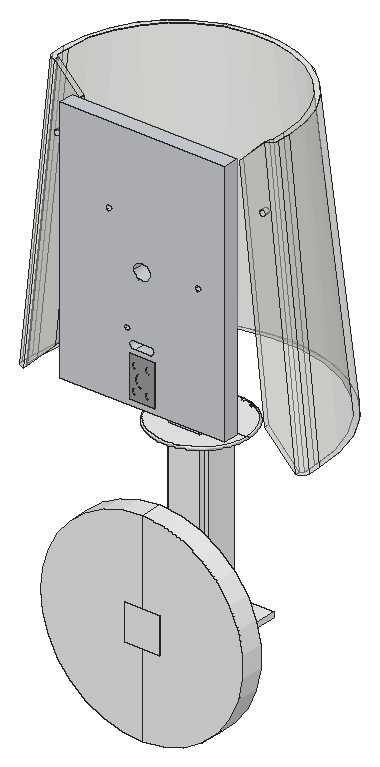
Revit family "Lighting - Auberge Single Candelabra", category Lighting Fixtures, host Wall, Revit 2018
Family settings
  Host = Wall
  Round Connector Dimension = Use Diameter
  Part Type = Normal
  OmniClass Number = 23.80.70.00
  OmniClass Title = Lighting
  Always vertical = Yes
  Cut with Voids When Loaded = No
  Light Source = Yes
  Shared = No
  Room Calculation Point = No
Parameters (values of type "Rain & Nickel")
  Wattage Comments = ""
  Wattage = 6.76576 W
  built-in parameter 1150110 = 1 (stored number, unit not read)
  URL = "https://www.aubergelighting.com/co7w7h"
  built-in parameter 1114217 = 1 (stored number, unit not read)
  Tilt Angle = 0.00°  # constant formula
  built-in parameter 1150109 = 1 (stored number, unit not read)
  built-in parameter 1150134 = (empty or 0)
  built-in parameter 1150113 = 1 (stored number, unit not read)
  Shade Tag = "CO-7W7H"
  Shade Finish = AU Rain
  Photometric Web File = "Auberge C10W sconces.ies"
  Model = "AU-C10W-30-8-CO7W7H-RV-DE1A-ESN"
  Manufacturer = "Auberge Lighting"  # constant formula
  built-in parameter 1150105 = 79.975 (stored number, unit not read)
  Lumens = 1005 lm
  built-in parameter 1150115 = 1 (stored number, unit not read)
  built-in parameter 1150137 = (empty or 0)
  built-in parameter 1150139 = (empty or 0)
  built-in parameter 1150112 = 1 (stored number, unit not read)
  built-in parameter 1150114 = 1 (stored number, unit not read)
  Lamp = "10W LED"
  Keynote = "X"
  built-in parameter 1150132 = 2
  built-in parameter 1150102 = (empty or 0)
  built-in parameter 1150107 = 3000 (stored number, unit not read)
  built-in parameter 1150138 = (empty or 0)
  built-in parameter 1150106 = 0.79975 (stored number, unit not read)
  Emit from Line Length = 2' - 0"
  built-in parameter 1150104 = 13.8 (stored number, unit not read)
  Dimming Lamp Color Temperature Shift = <None>
  Description = "LED Candelabra Wall Sconce"
  Color Filter = 16777215
  Bracket Finish = AU Enviro Satin Nickel
  built-in parameter 1114218 = 1 (stored number, unit not read)
  built-in parameter 1150133 = 10 (stored number, unit not read)
  Apparent Load = 10 VA
Types (4): name | Wattage | built-in parameter 1150134 | Shade Finish | Photometric Web File | Model | built-in parameter 1150105 | Lumens | Lamp | built-in parameter 1150132 | built-in parameter 1150107 | built-in parameter 1150106 | Bracket Finish | Apparent Load
  (no name) | 6.76576 W | (empty or 0) | AU Rain | "Auberge C10W sconces.ies" | "AU-C10W-30-8-CO7W7H-RV-DE1A-ESN" | 79.975 (stored number, unit not read) | 1005 lm | "10W LED" | 2 | 3000 (stored number, unit not read) | 0.79975 (stored number, unit not read) | AU Enviro Satin Nickel | 10 VA
  Island Breeze & Brass | 9.2903 W | 3 | AU Island Breeze | "generic" | "AU-C10W-30-8-CO7W7H-IB-DE1A-ESB" | 109.82 (stored number, unit not read) | 1380 lm | "2x 10W LED" | (empty or 0) | 3200 (stored number, unit not read) | 1.0982 (stored number, unit not read) | AU Enviro Satin Brass | 20 VA
  Linear Cross & Bronze | 9.2903 W | 3 | AU Linear Cross | "generic" | "AU-C10W-30-8-CO7W7H-LCV-DE1A-E0B" | 109.82 (stored number, unit not read) | 1380 lm | "2x 10W LED" | (empty or 0) | 3200 (stored number, unit not read) | 1.0982 (stored number, unit not read) | AU Enviro Bronze | 20 VA
  Rain & Nickel | 6.76576 W | (empty or 0) | AU Rain | "Auberge C10W sconces.ies" | "AU-C10W-30-8-CO7W7H-RV-DE1A-ESN" | 79.975 (stored number, unit not read) | 1005 lm | "10W LED" | 2 | 3000 (stored number, unit not read) | 0.79975 (stored number, unit not read) | AU Enviro Satin Nickel | 10 VA
Reference planes (in)
  plane 1: y = 0
  plane 2 "Light Source Axis (F/B)": y = 7.7874
  plane 3 "Light Source Axis (L/R)": x = -1.43133
  plane 4 "Light Source Elevation": z = 77.42225
  plane 5 "Left": x = 3.78164
  plane 6 "Face of Wall": y = 6
  plane 7 "Mounting Center": z = 69.65049
  plane 8 "Right": x = -6.64429
Forms (in)
  Revolve 1, solid, material "AU Enviro Satin Nickel" <- "Bracket Finish", detail levels medium+fine
    sketch origin (-1.43133, 0, 0) x (0, -1, 0) y (0, 0, 1)
      loop
        line (-6, 72.11112) -> (-6.5311, 72.11112) -> (-6.5311, 71.60358) -> (-6.40591, 71.60358) -> (-6.40591, 71.51777) -> (-6.25787, 71.51777) -> (-6.25787, 69.65049) -> (-6, 69.65049) -> (-6, 72.11112)
      axis (-6.5311, 69.65049) -> (-6, 69.65049)
    angle from 0 to 360
  Extrusion 2, solid, material "AU Enviro Satin Nickel" <- "Bracket Finish", detail levels medium+fine
    sketch origin (0, 6, 0) x (0, 0, 1) y (-1, 0, 0)
      loop
        line (69.21742, 0.99825) -> (70.08356, 0.99825) -> (70.08356, 1.8644) -> (69.21742, 1.8644) -> (69.21742, 0.99825)
    from -1.25 to 0
  Revolve 3, solid, material "AU Enviro Satin Nickel" <- "Bracket Finish", detail levels medium+fine
    sketch origin (0, 7.7874, 0) x (0, 0, 1) y (-1, 0, 0)
      loop
        line (73.24464, 1.43133) -> (73.24464, 0.80784) -> (73.40473, 0.33416)
        arc (73.40473, 0.33416) -> (73.40667, 0.28253) -> (73.45109, 0.30892) r 0.03005
        line (73.45109, 0.30892) -> (73.45109, 1.43133) -> (73.24464, 1.43133)
      axis (73.45109, 1.43133) -> (73.24464, 1.43133)
    angle from 0 to 360
  Revolve 4, solid, material "AU Enviro Satin Nickel" <- "Bracket Finish", detail levels medium+fine
    sketch origin (-2.86265, 7.7874, -4.30061) x (0, 0, 1) y (-1, 0, 0)
      loop
        line (73.33298, -1.43133) -> (73.33298, -1.12307)
        arc (73.33298, -1.12307) -> (72.86147, -1.03155) -> (72.59525, -1.43133) r 0.43327
        line (72.59525, -1.43133) -> (73.33298, -1.43133)
      axis (73.33298, -1.43133) -> (72.59525, -1.43133)
    angle from 0 to 360
  Extrusion 5, solid, material "AU Enviro Satin Nickel" <- "Bracket Finish", detail levels medium+fine
    sketch origin (0, 0, 69.65049) x (0, 1, 0) y (-1, 0, 0)
      loop
        line (6.75, 2.43157) -> (6.75, 0.43108) -> (8.75, 0.43108) -> (8.75, 2.43157) -> (6.75, 2.43157)
    from -0.61811 to -0.5
  Extrusion 6, solid, material "Default", detail levels medium+fine
    sketch origin (0, 6, 0) x (0, 0, 1) y (-1, 0, 0)
      loop
        line (75.55346, 1.13605) -> (75.55346, 1.7266) -> (74.55346, 1.7266) -> (74.55346, 1.13605) -> (75.55346, 1.13605)
    from -2.25 to 0
  Sweep 7, solid, material "AU Enviro Satin Nickel" <- "Bracket Finish", detail levels medium+fine
    path origin (-1.43133, 0, 0) x (0, -1, 0) y (0, 0, 1)
      loop
        line (-7.7874, 74.55346) -> (-7.7874, 69.65049) -> (-6.25787, 69.65049)
    profile origin (-1.43133, 7.7874, 72.10197) x (-1, 0, 0) y (0, -1, 0)
      loop
        line (0.5, -0.3748) -> (0.5, 0.3748) -> (0.3748, 0.3748) -> (0.3748, 0.5) -> (-0.3748, 0.5) -> (-0.3748, 0.3748) -> (-0.5, 0.3748) -> (-0.5, -0.3748) -> (-0.3748, -0.3748) -> (-0.3748, -0.5) -> (0.3748, -0.5) -> (0.3748, -0.3748) -> (0.5, -0.3748)
Lines and regions (in)
  model lines, style "InvisibleLines"
    curve 1: line (-1.43133, 6, 69.65049) -> (-1.43133, 6, 0)
Text (in)
  text "Placement Side" at (0, 40.15149, 123.01588), in view "Right"
  text "Placement Side" at (-70.3804, 28.46503, 0), in view "Ref. Level"
  text "Placement Side" at (0, 85.69064, 140.59947), in view "Left"
Dimensions and locks (in)
  locked: plane 2 "Light Source Axis (F/B)" to plane 6 "Face of Wall" at 1.7874
  Revolve 1 sketch curve to Revolve 1 sketch curve to Revolve 1 sketch curve to plane 6 "Face of Wall" = 0' - 0.1252" locked, 0' - 0.14803" locked, 0' - 0.25787" locked
  Extrusion 2 sketch curve to plane 7 "Mounting Center" to Extrusion 2 sketch curve = 0' - 0.43307" locked, 0' - 0.43307" locked
  locked: plane 7 "Mounting Center" to plane 4 "Light Source Elevation" at 7.77176
  locked: Revolve 3 to plane 4 "Light Source Elevation" at 4.01751
  Extrusion 5 to plane 2 "Light Source Axis (F/B)" to Extrusion 5 = 0' - 1.0374" locked, 0' - 0.9626" locked
  aligned: level to host wall
  aligned and locked: nested 1 to plane 4 "Light Source Elevation"
  aligned and locked: plane 2 "Light Source Axis (F/B)" to nested 1
  aligned and locked: host wall to plane 6 "Face of Wall"
  aligned and locked: Revolve 1 sketch curve to plane 7 "Mounting Center"
  aligned and locked: Extrusion 2 to host wall
  aligned and locked: plane 2 "Light Source Axis (F/B)" to Revolve 3
  aligned and locked: Extrusion 6 to host wall
  aligned and locked: Revolve 1 to plane 6 "Face of Wall"
  aligned and locked: plane 2 "Light Source Axis (F/B)" to Revolve 4
  aligned and locked: plane 7 "Mounting Center" to curve 1
  aligned and locked: level to curve 1
  aligned and locked: curve 1 to plane 3 "Light Source Axis (L/R)"
  aligned and locked: plane 3 "Light Source Axis (L/R)" to nested 1
Nested families (in)
  nested 1: "Candelabra Shade" at (0, 0, -3.5), type "CO-7W7H", detail levels medium+fine
    with built-in parameter 1140040 1
  nested 2: "Sconce Annotation" at (-1.43133, 6, 0), type "Sconce Annotation"
Definition of nested family "Candelabra Shade"
  Parameters (values of type "CO-7W7H")
    Width = 0' - 7"
    Wattage Comments = "10W"
    URL = "https://www.aubergelighting.com/co7w7h"
    Type Image = element 364322
    Type Comments = "TRIAC/ELV DIMMING, ADA/ENERGY STAR/TITLE 24 COMPLIANT"
    Shade Tag = "CO-7W7H"
    Shade = CO-7W7H : CO-7W7H
    Resin Pattern = none
    Model = "AU-C10W-30-8-CO7W7H-A-DE3A-CM"  # constant formula
    Metal = none
    Manufacturer = "Auberge Lighting"  # constant formula
    Lamp = "C10W LED"
    Keynote = "X"
    Height = 0' - 7"
    Description = "10W LED WALL SCONCE"
    built-in parameter 1140040 [instance] = 1
    Backplate = 10W Backplate : 10W Backplate
    Apparent Load = 10 VA
    10W Small Backplate = not([10W Large Backplate])  # yes
    10W Large Backplate = Height > 0' 7"  # no
    10W Backplate = yes
  Reference planes (in)
    plane 1: y = 0
    plane 2 "Light Source Axis (F/B)": y = 7.7874
    plane 3 "Light Source Axis (L/R)": x = -1.43133
    plane 4 "Bottom": z = 77.42225
    plane 5 "Wall Face": y = 6
    plane 6 "Top": z = 84.42225
    plane 7 "Light Source": z = 80.92225
  Text (in)
    text "Placement Side" at (0, 40.15149, 123.01588), in view "Right"
    text "Placement Side" at (-70.3804, 28.46503, 0), in view "Ref. Level"
    text "Placement Side" at (0, 85.69064, 140.59947), in view "Left"
  Dimensions and locks (in)
    locked: plane 2 "Light Source Axis (F/B)" to plane 5 "Wall Face" at 1.7874
    "Height": plane 6 "Top" to plane 4 "Bottom"
    equal spacing: plane 4 "Bottom", plane 7 "Light Source", plane 6 "Top"
    locked: nested 3 to plane 5 "Wall Face" at 0.5374
    aligned: level to host wall
    aligned and locked: plane 5 "Wall Face" to host wall
    aligned and locked: plane 5 "Wall Face" to nested 1
    aligned and locked: plane 5 "Wall Face" to nested 2
    aligned and locked: plane 3 "Light Source Axis (L/R)" to nested 3
    aligned and locked: nested 3 to plane 4 "Bottom"
    aligned and locked: plane 3 "Light Source Axis (L/R)" to nested 1
    aligned and locked: nested 1 to plane 7 "Light Source"
  Nested families (in)
    nested 1: "10W Backplate" at (-1.43133, 6.54689, 80.92225) x (-1, 0, 0) z (0, 0, 1), type <- "Backplate", visible <- "10W Backplate", type "10W Backplate"
      with Large Backplate no
    nested 2: "Sconce Annotation" at (-1.43133, 6, 0), type "Sconce Annotation"
    nested 3: "CO-7W7H" at (-1.43133, 6.5374, 77.42225) x (-1, 0, 0) z (0, 0, 1), type <- "Shade", type "CO-7W7H"
  Definition of nested family "10W Backplate"
    Parameters (values of type "10W Backplate")
      Wattage Comments = "10W"
      Small Backplate = yes
      Material = none
      Lens = none
      Large Backplate = yes
      Apparent Load = 10 VA
      Angle = none
    Reference planes (in)
      plane 1 "Light Source Axis (F/B)": y = -1
      plane 2: z = 0
      plane 3 "Light Source Axis (L/R)": x = 0
      plane 4 "Light Source Elevation": z = 0
    Forms (in)
      Extrusion 1, solid, material <- "Material", visible <- "Large Backplate"
        sketch origin (0, 0.54689, 0) x (1, 0, 0) y (0, 0, 1)
          loop
            line (-2.25, -3.75) -> (2.25, -3.75) -> (2.25, 3.75) -> (-2.25, 3.75) -> (-2.25, -3.75)
          loop
            circle (0, -0.00491) r 0.20126
          loop
            circle (-0.63059, 3.36806) r 0.07242
          loop
            circle (0.63059, 3.36806) r 0.07242
          loop
            circle (1.68627, 3.226) r 0.10011
          loop
            circle (-1.37341, 0.11988) r 0.0663
          loop
            circle (1.83982, -0.55008) r 0.07113
          loop
            circle (0.79477, 1.12211) r 0.0663
          loop
            circle (0.35247, -1.33817) r 0.0663
          loop
            line (1.62141, 0.71542) -> (1.43453, 1.03911)
            arc (1.43453, 1.03911) -> (1.2893, 1.07802) -> (1.25039, 0.9328) r 0.10631
            line (1.25039, 0.9328) -> (1.43728, 0.60911)
            arc (1.43728, 0.60911) -> (1.5825, 0.5702) -> (1.62141, 0.71542) r 0.10631
        from 0 to 0.375
      Extrusion 2, solid, material <- "Material"
        sketch origin (0, 0.54689, -3.75) x (1, 0, 0) y (0, 0, 1)
          loop
            circle (-1.25703, 5.61357) r 0.06499
          loop
            circle (1.25703, 5.61357) r 0.06499
        from 0.375 to 0.65625
      Revolve 3, solid, material <- "Lens"
        sketch origin (0, 0.54689, -8.40375) x (0, 0, 1) y (0, -1, 0)
          loop
            line (8.40375, 0.375) -> (9.97475, 0.375) -> (9.97475, 0.51929)
            arc (9.97475, 0.51929) -> (9.96097, 0.58036) -> (9.92231, 0.6296) r 0.14225
            arc (9.92231, 0.6296) -> (9.30973, 0.97428) -> (8.61706, 1.09378) r 2.06725
            line (8.61706, 1.09378) -> (8.40375, 1.09378) -> (8.40375, 0.375)
          axis (8.40375, 1.09378) -> (8.40375, 0.375)
        angle from 0 to 360
      Extrusion 4, solid, material <- "Material", visible <- "Small Backplate"
        sketch origin (0, 0.54689, 0) x (1, 0, 0) y (0, 0, 1)
          loop
            line (-2, -3) -> (2, -3) -> (2, 3) -> (-2, 3) -> (-2, -3)
          loop
            circle (0, -0.00491) r 0.20126
          loop
            circle (-0.15905, -2.1032) r 0.07242
          loop
            circle (-1.37341, 0.11988) r 0.0663
          loop
            circle (0.79477, 1.12211) r 0.0663
          loop
            circle (0.35247, -1.33817) r 0.0663
          loop
            line (-0.18688, -1.76925) -> (0.18688, -1.76925)
            arc (0.18688, -1.76925) -> (0.29319, -1.66294) -> (0.18688, -1.55663) r 0.10631
            line (0.18688, -1.55663) -> (-0.18688, -1.55663)
            arc (-0.18688, -1.55663) -> (-0.29319, -1.66294) -> (-0.18688, -1.76925) r 0.10631
          loop
            circle (0.15905, -2.1032) r 0.07242
          loop
            circle (-0.15905, -2.66044) r 0.07242
          loop
            circle (0.15905, -2.66044) r 0.07242
          loop
            circle (0, -2.39626) r 0.15475
        from 0 to 0.375
    Dimensions and locks (in)
      aligned and locked: level to plane 2
  Definition of nested family "CO-7W7H"
    Parameters (values of type "CO-7W7H")
      Model = "CO-7W7H"
      Manufacturer = "Auberge Lighting"
      Lens = none
      Height = 0' - 7"
      Bracket = none
    Reference planes (in)
      plane 1 "Light Source Axis (F/B)": y = 0
      plane 2 "Center": z = 0
      plane 3 "Light Source Axis (L/R)": x = 0
      plane 4 "Light Source Elevation": z = 7
    Forms (in)
      Blend 1, solid, material <- "Lens"
        base sketch origin (0, 0, 0) x (1, 0, 0) y (0, 1, 0)
          loop
            line (3.5, -0.5) -> (3.5, -0.1875)
            arc (3.5, -0.1875) -> (3.44508, -0.05492) -> (3.3125, 0) r 0.1875
            line (3.3125, 0) -> (2.625, 0) -> (2.625, -0.125) -> (3.3125, -0.125)
            arc (3.3125, -0.125) -> (3.35669, -0.14331) -> (3.375, -0.1875) r 0.0625
            line (3.375, -0.1875) -> (3.375, -0.5)
            arc (3.375, -0.5) -> (0, -3.875) -> (-3.375, -0.5) r 3.375
            line (-3.375, -0.5) -> (-3.375, -0.1875)
            arc (-3.375, -0.1875) -> (-3.35669, -0.14331) -> (-3.3125, -0.125) r 0.0625
            line (-3.3125, -0.125) -> (-2.625, -0.125) -> (-2.625, 0) -> (-3.3125, 0)
            arc (-3.3125, 0) -> (-3.44508, -0.05492) -> (-3.5, -0.1875) r 0.1875
            line (-3.5, -0.1875) -> (-3.5, -0.5)
            arc (-3.5, -0.5) -> (0, -4) -> (3.5, -0.5) r 3.5
        top sketch origin (0, 0, 0) x (1, 0, 0) y (0, 1, 0)
          loop
            line (2.75, -0.5) -> (2.75, -0.1875)
            arc (2.75, -0.1875) -> (2.69508, -0.05492) -> (2.5625, 0) r 0.1875
            line (2.5625, 0) -> (1.875, 0) -> (1.875, -0.125) -> (2.5625, -0.125)
            arc (2.5625, -0.125) -> (2.60669, -0.14331) -> (2.625, -0.1875) r 0.0625
            line (2.625, -0.1875) -> (2.625, -0.5)
            arc (2.625, -0.5) -> (0, -3.125) -> (-2.625, -0.5) r 2.625
            line (-2.625, -0.5) -> (-2.625, -0.1875)
            arc (-2.625, -0.1875) -> (-2.60669, -0.14331) -> (-2.5625, -0.125) r 0.0625
            line (-2.5625, -0.125) -> (-1.875, -0.125) -> (-1.875, 0) -> (-2.5625, 0)
            arc (-2.5625, 0) -> (-2.69508, -0.05492) -> (-2.75, -0.1875) r 0.1875
            line (-2.75, -0.1875) -> (-2.75, -0.5)
            arc (-2.75, -0.5) -> (0, -3.25) -> (2.75, -0.5) r 2.75
        from 0 to 7
      Extrusion 2, void
        sketch origin (0, 0, 0) x (1, 0, 0) y (0, 0, 1)
          loop
            line (-2.66076, 7.09826) -> (-1.85539, 6.29289) -> (-1.85539, 7.09826) -> (-2.66076, 7.09826)
          loop
            circle (-2.49992, 5.42028) r 0.07013
          loop
            line (-3.46067, -0.14817) -> (-2.46067, -0.14817) -> (-2.46067, 0.85183) -> (-3.46067, -0.14817)
          loop
            line (2.66076, 7.09826) -> (1.85539, 7.09826) -> (1.85539, 6.29289) -> (2.66076, 7.09826)
          loop
            circle (2.49992, 5.42028) r 0.07013
          loop
            line (3.46067, -0.14817) -> (2.46067, 0.85183) -> (2.46067, -0.14817) -> (3.46067, -0.14817)
        from 0 to 0.25
      Extrusion 3, solid, material <- "Bracket", not visible
        sketch origin (0, 0, 0) x (1, 0, 0) y (0, 1, 0)
          loop
            line (-2.70472, -0.1875) -> (-2.12743, -0.1875)
            arc (-2.12743, -0.1875) -> (-2.06516, -0.16171) -> (-2.03937, -0.09944) r 0.08806
            line (-2.03937, -0.09944) -> (-2.03937, 0.07021)
            arc (-2.03937, 0.07021) -> (-2.03067, 0.0912) -> (-2.00967, 0.0999) r 0.0297
            line (-2.00967, 0.0999) -> (2.00967, 0.0999)
            arc (2.00967, 0.0999) -> (2.03067, 0.0912) -> (2.03937, 0.07021) r 0.0297
            line (2.03937, 0.07021) -> (2.03937, -0.09944)
            arc (2.03937, -0.09944) -> (2.06516, -0.16171) -> (2.12743, -0.1875) r 0.08806
            line (2.12743, -0.1875) -> (2.70472, -0.1875) -> (2.70472, -0.125) -> (2.12743, -0.125)
            arc (2.12743, -0.125) -> (2.10935, -0.11752) -> (2.10187, -0.09944) r 0.02556
            line (2.10187, -0.09944) -> (2.10187, 0.07021)
            arc (2.10187, 0.07021) -> (2.07487, 0.1354) -> (2.00967, 0.1624) r 0.0922
            line (2.00967, 0.1624) -> (-2.00967, 0.1624)
            arc (-2.00967, 0.1624) -> (-2.07487, 0.1354) -> (-2.10187, 0.07021) r 0.0922
            line (-2.10187, 0.07021) -> (-2.10187, -0.09944)
            arc (-2.10187, -0.09944) -> (-2.10935, -0.11752) -> (-2.12743, -0.125) r 0.02556
            line (-2.12743, -0.125) -> (-2.70472, -0.125) -> (-2.70472, -0.1875)
        from 5.125 to 5.71555
    Cuts and joins
      Extrusion 2 cuts Blend 1
    Dimensions and locks (in)
      "Height": plane 4 "Light Source Elevation" to level
      aligned and locked: level to plane 2 "Center"
      aligned and locked: Blend 1 to plane 4 "Light Source Elevation"
    Automatic sketch dimensions
      Blend 1 sketch curve to Blend 1 sketch curve = 0' - 0"  (x12)
      plane 1 "Light Source Axis (F/B)" to Blend 1 sketch curve = 0' - 0"  (x4)
      Blend 1 sketch curve to plane 3 "Light Source Axis (L/R)" = 0' - 0"  (x2)
      plane 1 "Light Source Axis (F/B)" to Blend 1 sketch curve = 0' - 0 1/8"  (x2)
      Blend 1 sketch curve to plane 3 "Light Source Axis (L/R)" = 0' - 2 5/8"
      Blend 1 sketch curve to Blend 1 sketch curve = 0' - 0 11/16"  (x2)
      Blend 1 sketch curve to Blend 1 sketch curve = 0' - 0 1/16"  (x4)
      Blend 1 sketch curve to Blend 1 sketch curve = 0' - 0 3/4"  (x2)
      Blend 1 sketch curve to Blend 1 sketch curve = 0' - 0 5/16"  (x2)
      Blend 1 sketch curve to plane 3 "Light Source Axis (L/R)" = 0' - 1 7/8"
      Extrusion 2 sketch curve to level = 0' - 0.14817"  (x2)
      Extrusion 2 sketch curve to plane 3 "Light Source Axis (L/R)" = 0' - 3.46067"
      Extrusion 2 sketch curve to plane 4 "Light Source Elevation" = 0' - 0.09826"  (x2)
      Extrusion 2 sketch curve to plane 3 "Light Source Axis (L/R)" = 0' - 2.66076"
      Extrusion 2 sketch curve to Extrusion 2 sketch curve = 0' - 0.16084"
      Extrusion 2 sketch curve to Extrusion 2 sketch curve = 0' - 1"  (x2)
      Extrusion 2 sketch curve to Extrusion 2 sketch curve = 0' - 0.80537"  (x2)
      plane 3 "Light Source Axis (L/R)" to Extrusion 2 sketch curve = 0' - 1.85539"
      level to Extrusion 2 sketch curve = 0' - 0.85183"  (x2)
      plane 3 "Light Source Axis (L/R)" to Extrusion 2 sketch curve = 0' - 2.46067"
      Extrusion 2 sketch curve to Extrusion 2 sketch curve = 0' - 0 165/256"
      plane 4 "Light Source Elevation" to Extrusion 2 sketch curve = 0' - 1.57972"  (x2)
      plane 4 "Light Source Elevation" to Extrusion 2 sketch curve = 0' - 0.70711"  (x2)
      Extrusion 3 sketch curve to Extrusion 3 sketch curve = 0' - 0"  (x8)
      plane 1 "Light Source Axis (F/B)" to Extrusion 3 sketch curve = 0' - 0 3/16"  (x2)
      Extrusion 3 sketch curve to plane 3 "Light Source Axis (L/R)" = 0' - 2.70472"
      Extrusion 3 sketch curve to Extrusion 3 sketch curve = 0' - 0.5773"  (x2)
      Extrusion 3 sketch curve to Extrusion 3 sketch curve = 0' - 0.02556"  (x2)
      Extrusion 3 sketch curve to Extrusion 3 sketch curve = 0' - 0 1/16"
      Extrusion 3 sketch curve to Extrusion 3 sketch curve = 0' - 0.0297"  (x2)
      Extrusion 3 sketch curve to plane 1 "Light Source Axis (F/B)" = 0' - 0.0999"
      plane 3 "Light Source Axis (L/R)" to Extrusion 3 sketch curve = 0' - 2.00967"
      radius of Extrusion 2 sketch curve = 0' - 0.07013"  (x2)
  Definition of nested family "Sconce Annotation"
    Parameters (values of type "Sconce Annotation")
      Label = "GFI"
    Reference planes (in)
      plane 1: y = 0
      plane 2: x = 0
    Lines and regions (in)
      detail lines
        curve 1: arc (-0.04796, 0.10653, 0) -> (0.048, 0.15902, 0) -> (-0.04796, 0.10653, 0) r 0.05469
        curve 2: line (0, 0.07812, 0) -> (0, 0.01567, 0)
        curve 3: line (0.05469, 0.13281, 0) -> (0.09825, 0.13281, 0)
        curve 4: line (0, 0.1875, 0) -> (0, 0.23106, 0)
        curve 5: line (-0.05469, 0.13281, 0) -> (-0.09825, 0.13281, 0)
    Text (in)
      label "X" at (0.07857, 0.25505, 0), shows "Label"
Definition of nested family "Sconce Annotation"
  Parameters (values of type "Sconce Annotation")
    Label = "X"
  Reference planes (in)
    plane 1: y = 0
    plane 2: x = 0
  Lines and regions (in)
    detail lines
      curve 1: arc (-0.04796, 0.10653, 0) -> (0.048, 0.15902, 0) -> (-0.04796, 0.10653, 0) r 0.05469
      curve 2: line (0, 0.07812, 0) -> (0, 0.01567, 0)
      curve 3: line (0.05469, 0.13281, 0) -> (0.09825, 0.13281, 0)
      curve 4: line (0, 0.1875, 0) -> (0, 0.23106, 0)
      curve 5: line (-0.05469, 0.13281, 0) -> (-0.09825, 0.13281, 0)
  Text (in)
    label "X" at (0.07857, 0.25505, 0), shows "Label"
